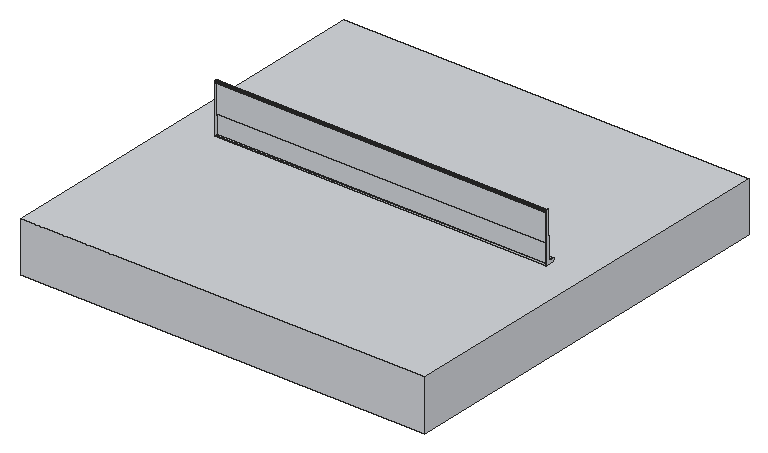
Revit family "L庇", category 一般モデル, Revit 2020
Family settings
  ホスト = 面
  鉄筋をホスト可能 = いいえ
  丸型コネクタ寸法 = 直径を使用
  パーツ タイプ = 標準
  ロード時にボイドで切り取り = いいえ
  共有 = いいえ
  部屋計算ポイント = いいえ
Parameters
  警告：長さL [instance] = no
  警告：出幅D [instance] = no
  説明 = "ライト感覚のL字型。出幅は5種類で直線が美しい魅力のシンプルデザイン。"  # constant formula
  製造元 = "株式会社ツヅキ"  # constant formula
  色 [instance] = アルミニウム 6063S-T5 シルバー(R) (株)ツヅキ
  既定の高さ = 1219.2 mm
  断面図表記 出幅300 = yes
  断面図表記 出幅240 = no
  断面図表記 出幅200 = no
  断面図表記 出幅150 = no
  断面図表記 出幅100 = no
  庇L寸法 [instance] = 2000.0 mm
  庇D寸法 [instance] = if(出幅300, 300.0 mm, if(出幅240, 240.0 mm, if(出幅200, 200.0 mm, if(出幅150, 150.0 mm, 100.0 mm))))  # 300.0 mm
  実庇L寸法 [instance] = if(庇L寸法 > 4000.0 mm, 4000.0 mm, if(庇L寸法 < 600.0 mm, 600.0 mm, 庇L寸法))  # 2000.0 mm
  出幅300 [instance] = yes
  出幅240 [instance] = no
  出幅200 [instance] = no
  出幅150 [instance] = no
  出幅100 [instance] = no
  モデル = "グロンダート　Lシリーズ"  # constant formula
  URL = "https://tuzuki.co.jp/products/#gd"
Reference planes
  plane 1 "中心(正面/背面)": y = 0
  plane 2: z = 0
  plane 3 "中心(左/右)": x = 0
  plane 4: x = -1000
  plane 5: x = 1000
  plane 6: z = 300
Forms (mm)
  Extrusion 1, solid
    sketch origin (0, 0, 0) x (1, 0, 0) y (0, 1, 0)
      loop
        line (-1219.2, 1219.2) -> (-1219.2, -1219.2) -> (1219.2, -1219.2) -> (1219.2, 1219.2) -> (-1219.2, 1219.2)
    from 0 to -304.8
Dimensions and locks
  equal spacing: plane 5, plane 3 "中心(左/右)", plane 4
  "庇L寸法": plane 5 to plane 4
  plane 4 to plane 5 = 2000.0 mm
  "庇D寸法": plane 6 to level
  aligned and locked: plane 2 to Extrusion 1
  aligned and locked: level to Extrusion 1
  aligned and locked: nested 2 to plane 5
Automatic sketch dimensions
  Extrusion 1 sketch curve to Extrusion 1 sketch curve = 2438.4 mm  (x2)
Nested families
  nested 1: "注意表示_F庇 ポール付き" at (-205.26, -831.508, 0), type "F庇ポール付き D600-3000"
  nested 2: "L庇各寸法" at (-1000, 0, 0), 庇L寸法 <- "庇L寸法", 出幅100 <- "出幅100", 出幅200 <- "出幅200", 出幅240 <- "出幅240", 出幅300 <- "出幅300", 出幅150 <- "出幅150", type "L庇各寸法"
    with 庇L寸法 2000.0 mm, 出幅300 yes, 出幅240 no, 出幅200 no, 出幅150 no, 出幅100 no, 断面図表記 出幅240 no, 断面図表記 出幅200 no, 断面図表記 出幅150 no, 断面図表記 出幅100 no
Definition of nested family "L庇各寸法"
  Parameters (values of type "L庇各寸法")
    色 = none
    Default Elevation = 1219.2 mm
    断面図表記 出幅300 = yes
    断面図表記 出幅240 = yes
    断面図表記 出幅200 = yes
    断面図表記 出幅150 = yes
    断面図表記 出幅100 = yes
    庇L寸法 [instance] = 2700.0 mm
    出幅300 [instance] = yes
    出幅240 [instance] = yes
    出幅200 [instance] = yes
    出幅150 [instance] = yes
    出幅100 [instance] = yes
  Reference planes
    plane 1 "中心(正面/背面)": y = 0
    plane 2: z = 0
    plane 3 "中心(左/右)": x = 0
    plane 4: x = 2700
  Forms (mm)
    Extrusion 1, solid
      sketch origin (0, 0, 0) x (1, 0, 0) y (0, 1, 0)
        loop
          line (-1219.2, 1219.2) -> (-1219.2, -1219.2) -> (1219.2, -1219.2) -> (1219.2, 1219.2) -> (-1219.2, 1219.2)
      from 0 to -304.8
  Dimensions and locks
    "庇L寸法": plane 3 "中心(左/右)" to plane 4
    aligned and locked: plane 2 to Extrusion 1
    aligned and locked: level to Extrusion 1
    aligned and locked: plane 4 to nested 5
    aligned and locked: plane 4 to nested 1
    aligned and locked: plane 4 to nested 2
    aligned and locked: plane 4 to nested 3
    aligned and locked: plane 4 to nested 4
  Automatic sketch dimensions
    Extrusion 1 sketch curve to Extrusion 1 sketch curve = 2438.4 mm  (x2)
  Nested families
    nested 1: "出幅100" at (0, 0, 0), 出幅100 <- "出幅100", type "出幅100"
      with 出幅100 yes, L 2700.0 mm
    nested 2: "出幅150" at (0, 0, 0), 出幅150 <- "出幅150", type "出幅150"
      with 出幅150 yes, L 2700.0 mm
    nested 3: "出幅200" at (0, 0, 0), 出幅200 <- "出幅200", type "出幅200"
      with 出幅200 yes, L 2700.0 mm
    nested 4: "出幅240" at (0, 0, 0), 出幅240 <- "出幅240", type "出幅240"
      with 出幅240 yes, L 2700.0 mm
    nested 5: "出幅300" at (0, 0, 0), 出幅300 <- "出幅300", type "出幅300"
      with 出幅300 yes, L 2700.0 mm
  Definition of nested family "出幅100"
    Parameters
      色 = none
      Default Elevation = 1219.2 mm
      断面図表記 出幅100 = yes
      出幅100 [instance] = yes
      L = 1422.0 mm
    Reference planes
      plane 1 "中心(正面/背面)": y = 0
      plane 2: z = 0
      plane 3 "中心(左/右)": x = 0
      plane 4: x = 2
      plane 5: x = 1420
      plane 6: x = 1422
    Forms (mm)
      Extrusion 1, solid
        sketch origin (0, 0, 0) x (1, 0, 0) y (0, 1, 0)
          loop
            line (-1219.2, 1219.2) -> (-1219.2, -1219.2) -> (1219.2, -1219.2) -> (1219.2, 1219.2) -> (-1219.2, 1219.2)
        from 0 to -304.8
      Extrusion 2, solid, material <- "色", visible <- "出幅100"
        sketch origin (0, 0, 0) x (0, 1, 0) y (0, 0, 1)
          loop
            line (-14.703, 20.05) -> (-18, 100) -> (-19.998, 99.918) -> (-19.899, 97.5) -> (-26, 95) -> (-26, 91) -> (-24.5, 90.7) -> (-24.275, 87.931)
            arc (-24.275, 87.931) -> (-23.851, 87.18) -> (-23, 87.039) r 1
            line (-23, 87.039) -> (-23, 91.003)
            arc (-23, 91.003) -> (-22.244, 94.283) -> (-20.634, 91.328) r 1.8
            line (-20.634, 91.328) -> (-19.608, 90.447) -> (-17.355, 35.822) -> (-15.981, 2.5) -> (-20, 2.5) -> (-20, 7.8) -> (-26, 7.8) -> (-26, 0) -> (21, 0) -> (21, 17.16) -> (29.3, 16.05) -> (29.1, 17.35) -> (4.3, 20.05) -> (-14.703, 20.05)
        from 2 to 1420
      Extrusion 3, solid, material <- "色", visible <- "出幅100"
        sketch origin (0, 0, 0) x (0, 1, 0) y (0, 0, 1)
          loop
            line (-27, 0) -> (21.8, 0) -> (29, 7.2) -> (29, 17.529) -> (28.333, 18.275) -> (4, 21.001) -> (-6.723, 21.001)
            arc (-6.723, 21.001) -> (-10.182, 22.398) -> (-11.712, 25.8) r 5
            line (-11.712, 25.8) -> (-14.869, 98.003) -> (-18, 101.001) -> (-20, 101.001) -> (-27, 98.1) -> (-27, 0)
        from 2 to 0
      Extrusion 4, solid, material <- "色", visible <- "出幅100"
        sketch origin (500, 0, 0) x (0, 1, 0) y (0, 0, -1)
          loop
            line (-27, 0) -> (-27, -98.1) -> (-20, -101.001) -> (-18, -101.001) -> (-14.869, -98.003) -> (-11.712, -25.8)
            arc (-11.712, -25.8) -> (-10.182, -22.398) -> (-6.723, -21.001) r 5
            line (-6.723, -21.001) -> (4, -21.001) -> (28.333, -18.275) -> (29, -17.529) -> (29, -7.2) -> (21.8, 0) -> (-27, 0)
        from -920 to -922
    Dimensions and locks
      locked: plane 3 "中心(左/右)" to plane 4 at 2
      locked: plane 5 to plane 6 at 2
      "L": plane 3 "中心(左/右)" to plane 6
      aligned and locked: plane 2 to Extrusion 1
      aligned and locked: level to Extrusion 1
      aligned and locked: level to import instance
      aligned and locked: plane 1 "中心(正面/背面)" to import instance
      aligned and locked: Extrusion 2 to Extrusion 4
      aligned and locked: Extrusion 2 to plane 4
      aligned and locked: Extrusion 3 to Extrusion 2
      aligned and locked: Extrusion 3 to plane 3 "中心(左/右)"
      aligned and locked: plane 6 to Extrusion 4
      aligned and locked: Extrusion 4 to plane 5
    Automatic sketch dimensions
      Extrusion 1 sketch curve to Extrusion 1 sketch curve = 2438.4 mm  (x2)
      Extrusion 2 sketch curve to level = 0.0 mm
      plane 1 "中心(正面/背面)" to Extrusion 2 sketch curve = 26.0 mm  (x2)
      Extrusion 2 sketch curve to Extrusion 2 sketch curve = 1.5 mm  (x2)
      Extrusion 2 sketch curve to Extrusion 2 sketch curve = 0.225 mm
      Extrusion 2 sketch curve to Extrusion 2 sketch curve = 0.998 mm
      Extrusion 2 sketch curve to Extrusion 2 sketch curve = 1.0 mm
      Extrusion 2 sketch curve to Extrusion 2 sketch curve = 1.366 mm
      Extrusion 2 sketch curve to Extrusion 2 sketch curve = 2.002 mm
      Extrusion 2 sketch curve to Extrusion 2 sketch curve = 0.1 mm
      Extrusion 2 sketch curve to Extrusion 2 sketch curve = 1.026 mm
      Extrusion 2 sketch curve to Extrusion 2 sketch curve = 1.998 mm
      level to Extrusion 2 sketch curve = 2.5 mm
      Extrusion 2 sketch curve to Extrusion 2 sketch curve = 5.297 mm
      Extrusion 2 sketch curve to plane 1 "中心(正面/背面)" = 4.3 mm
      Extrusion 2 sketch curve to Extrusion 2 sketch curve = 16.7 mm
      Extrusion 2 sketch curve to Extrusion 2 sketch curve = 8.1 mm
      Extrusion 2 sketch curve to Extrusion 2 sketch curve = 0.2 mm
      Extrusion 2 sketch curve to Extrusion 2 sketch curve = 5.3 mm
      level to Extrusion 2 sketch curve = 16.05 mm
      Extrusion 2 sketch curve to Extrusion 2 sketch curve = 1.11 mm
      Extrusion 2 sketch curve to Extrusion 2 sketch curve = 1.3 mm
      Extrusion 2 sketch curve to Extrusion 2 sketch curve = 2.89 mm
      Extrusion 2 sketch curve to Extrusion 2 sketch curve = 66.989 mm
      Extrusion 2 sketch curve to Extrusion 2 sketch curve = 0.892 mm
      Extrusion 2 sketch curve to Extrusion 2 sketch curve = 2.447 mm
      Extrusion 2 sketch curve to Extrusion 2 sketch curve = 2.769 mm
      Extrusion 2 sketch curve to Extrusion 2 sketch curve = 0.3 mm
      Extrusion 2 sketch curve to Extrusion 2 sketch curve = 0.303 mm
      Extrusion 2 sketch curve to Extrusion 2 sketch curve = 0.881 mm
      Extrusion 2 sketch curve to Extrusion 2 sketch curve = 4.0 mm
      Extrusion 2 sketch curve to Extrusion 2 sketch curve = 5.0 mm
      Extrusion 2 sketch curve to Extrusion 2 sketch curve = 2.418 mm
      Extrusion 2 sketch curve to Extrusion 2 sketch curve = 0.082 mm
      Extrusion 2 sketch curve to Extrusion 2 sketch curve = 2.652 mm
      Extrusion 2 sketch curve to Extrusion 2 sketch curve = 0.0 mm
      Extrusion 2 sketch curve to Extrusion 2 sketch curve = 15.768 mm
      Extrusion 2 sketch curve to Extrusion 2 sketch curve = 0.004 mm
      Extrusion 3 sketch curve to level = 0.0 mm
      plane 1 "中心(正面/背面)" to Extrusion 3 sketch curve = 27.0 mm
      Extrusion 3 sketch curve to Extrusion 3 sketch curve = 7.0 mm
      Extrusion 3 sketch curve to Extrusion 3 sketch curve = 2.001 mm
      Extrusion 3 sketch curve to Extrusion 3 sketch curve = 3.131 mm
      plane 1 "中心(正面/背面)" to Extrusion 3 sketch curve = 11.712 mm
      plane 1 "中心(正面/背面)" to Extrusion 3 sketch curve = 6.723 mm
      Extrusion 3 sketch curve to Extrusion 3 sketch curve = 4.996 mm
      Extrusion 3 sketch curve to plane 1 "中心(正面/背面)" = 4.0 mm
      Extrusion 3 sketch curve to plane 1 "中心(正面/背面)" = 21.8 mm
      Extrusion 3 sketch curve to Extrusion 3 sketch curve = 6.533 mm
      Extrusion 3 sketch curve to Extrusion 3 sketch curve = 0.667 mm
      level to Extrusion 3 sketch curve = 7.2 mm
      Extrusion 3 sketch curve to Extrusion 3 sketch curve = 10.329 mm
      Extrusion 3 sketch curve to Extrusion 3 sketch curve = 0.745 mm
      level to Extrusion 3 sketch curve = 21.001 mm
      Extrusion 3 sketch curve to Extrusion 3 sketch curve = 4.799 mm
      Extrusion 3 sketch curve to Extrusion 3 sketch curve = 72.203 mm
      Extrusion 3 sketch curve to Extrusion 3 sketch curve = 0.096 mm
      Extrusion 3 sketch curve to Extrusion 3 sketch curve = 2.997 mm
      Extrusion 4 sketch curve to level = 0.0 mm
      plane 1 "中心(正面/背面)" to Extrusion 4 sketch curve = 27.0 mm
      Extrusion 4 sketch curve to Extrusion 4 sketch curve = 7.0 mm
      Extrusion 4 sketch curve to Extrusion 4 sketch curve = 2.001 mm
      Extrusion 4 sketch curve to Extrusion 4 sketch curve = 3.131 mm
      plane 1 "中心(正面/背面)" to Extrusion 4 sketch curve = 11.712 mm
      plane 1 "中心(正面/背面)" to Extrusion 4 sketch curve = 6.723 mm
      Extrusion 4 sketch curve to Extrusion 4 sketch curve = 4.996 mm
      Extrusion 4 sketch curve to plane 1 "中心(正面/背面)" = 4.0 mm
      Extrusion 4 sketch curve to plane 1 "中心(正面/背面)" = 21.8 mm
      Extrusion 4 sketch curve to Extrusion 4 sketch curve = 6.533 mm
      Extrusion 4 sketch curve to Extrusion 4 sketch curve = 0.667 mm
      level to Extrusion 4 sketch curve = 7.2 mm
      Extrusion 4 sketch curve to Extrusion 4 sketch curve = 10.329 mm
      Extrusion 4 sketch curve to Extrusion 4 sketch curve = 0.745 mm
      level to Extrusion 4 sketch curve = 21.001 mm
      Extrusion 4 sketch curve to Extrusion 4 sketch curve = 4.799 mm
      Extrusion 4 sketch curve to Extrusion 4 sketch curve = 72.203 mm
      Extrusion 4 sketch curve to Extrusion 4 sketch curve = 0.096 mm
      Extrusion 4 sketch curve to Extrusion 4 sketch curve = 2.997 mm
      Extrusion 2 sketch curve to Extrusion 2 sketch curve = 4.019 mm
      Extrusion 2 sketch curve to Extrusion 2 sketch curve = 6.0 mm
  Definition of nested family "出幅150"
    Parameters (values of type "出幅150")
      色 = none
      Default Elevation = 1219.2 mm
      断面図表記 出幅150 = yes
      出幅150 [instance] = yes
      L = 1422.0 mm
    Reference planes
      plane 1 "中心(正面/背面)": y = 0
      plane 2: z = 0
      plane 3 "中心(左/右)": x = 0
      plane 4: x = 2
      plane 5: x = 1420
      plane 6: x = 1422
    Forms (mm)
      Extrusion 1, solid
        sketch origin (0, 0, 0) x (1, 0, 0) y (0, 1, 0)
          loop
            line (-1219.2, 1219.2) -> (-1219.2, -1219.2) -> (1219.2, -1219.2) -> (1219.2, 1219.2) -> (-1219.2, 1219.2)
        from 0 to -304.8
      Extrusion 2, solid, material <- "色", visible <- "出幅150"
        sketch origin (0, 0, 0) x (0, 1, 0) y (0, 0, 1)
          loop
            line (-16.287, 2.5) -> (-20.3, 2.5) -> (-20.3, 7.8) -> (-26, 7.8) -> (-26, 0) -> (21, 0) -> (21, 17.16) -> (29.3, 16.05) -> (29.1, 17.35) -> (4.3, 20.05) -> (-14.464, 20.05) -> (-18, 150) -> (-19.999, 149.946) -> (-19.933, 147.5) -> (-26, 145) -> (-26, 141) -> (-25, 140.7) -> (-24.774, 137.919)
            arc (-24.774, 137.919) -> (-24.346, 137.177) -> (-23.5, 137.039) r 1
            line (-23.5, 137.039) -> (-23.5, 141.505)
            arc (-23.5, 141.505) -> (-21.743, 144.282) -> (-20.843, 141.121) r 1.8
            line (-20.843, 141.121) -> (-20.033, 140.156) -> (-17.824, 58.96) -> (-16.287, 2.5)
        from 2 to 1420
      Extrusion 3, solid, material <- "色", visible <- "出幅150"
        sketch origin (0, 0, 0) x (0, 1, 0) y (0, 0, 1)
          loop
            line (-27, 148.084) -> (-27, 0) -> (21.8, 0) -> (29, 7.2) -> (29, 17.529) -> (28.333, 18.275) -> (4, 21) -> (-6.633, 21)
            arc (-6.633, 21) -> (-10.128, 22.425) -> (-11.631, 25.888) r 5
            line (-11.631, 25.888) -> (-14.919, 148.001) -> (-18, 151) -> (-20, 151) -> (-27, 148.084)
        from 0 to 2
      Extrusion 4, solid, material <- "色", visible <- "出幅150"
        sketch origin (500, 0, 0) x (0, 1, 0) y (0, 0, -1)
          loop
            line (-27, -148.084) -> (-20, -151) -> (-18, -151) -> (-14.919, -148.001) -> (-11.631, -25.888)
            arc (-11.631, -25.888) -> (-10.128, -22.425) -> (-6.633, -21) r 5
            line (-6.633, -21) -> (4, -21) -> (28.333, -18.275) -> (29, -17.529) -> (29, -7.2) -> (21.8, 0) -> (-27, 0) -> (-27, -148.084)
        from -922 to -920
    Dimensions and locks
      locked: plane 3 "中心(左/右)" to plane 4 at 2
      locked: plane 5 to plane 6 at 2
      "L": plane 3 "中心(左/右)" to plane 6
      aligned and locked: plane 2 to Extrusion 1
      aligned and locked: level to Extrusion 1
      aligned and locked: plane 4 to Extrusion 3
      aligned and locked: Extrusion 3 to plane 3 "中心(左/右)"
      aligned and locked: plane 6 to Extrusion 4
      aligned and locked: Extrusion 4 to plane 5
      aligned and locked: Extrusion 2 to plane 4
      aligned and locked: plane 5 to Extrusion 2
    Automatic sketch dimensions
      Extrusion 1 sketch curve to Extrusion 1 sketch curve = 2438.4 mm  (x2)
      Extrusion 2 sketch curve to level = 0.0 mm
      plane 1 "中心(正面/背面)" to Extrusion 2 sketch curve = 26.0 mm  (x2)
      Extrusion 2 sketch curve to Extrusion 2 sketch curve = 1.0 mm
      Extrusion 2 sketch curve to Extrusion 2 sketch curve = 1.222 mm
      Extrusion 2 sketch curve to Extrusion 2 sketch curve = 0.278 mm
      Extrusion 2 sketch curve to Extrusion 2 sketch curve = 1.5 mm
      Extrusion 2 sketch curve to Extrusion 2 sketch curve = 1.157 mm
      level to Extrusion 2 sketch curve = 2.5 mm
      Extrusion 2 sketch curve to Extrusion 2 sketch curve = 5.7 mm
      Extrusion 2 sketch curve to Extrusion 2 sketch curve = 0.81 mm
      Extrusion 2 sketch curve to Extrusion 2 sketch curve = 2.001 mm
      Extrusion 2 sketch curve to Extrusion 2 sketch curve = 0.066 mm
      Extrusion 2 sketch curve to Extrusion 2 sketch curve = 1.999 mm
      Extrusion 2 sketch curve to Extrusion 2 sketch curve = 4.013 mm
      Extrusion 2 sketch curve to Extrusion 2 sketch curve = 5.836 mm
      Extrusion 2 sketch curve to plane 1 "中心(正面/背面)" = 4.3 mm
      Extrusion 2 sketch curve to plane 1 "中心(正面/背面)" = 21.0 mm
      Extrusion 2 sketch curve to Extrusion 2 sketch curve = 8.1 mm
      Extrusion 2 sketch curve to Extrusion 2 sketch curve = 0.2 mm
      Extrusion 2 sketch curve to Extrusion 2 sketch curve = 5.3 mm
      level to Extrusion 2 sketch curve = 16.05 mm
      Extrusion 2 sketch curve to Extrusion 2 sketch curve = 1.11 mm
      Extrusion 2 sketch curve to Extrusion 2 sketch curve = 1.3 mm
      Extrusion 2 sketch curve to Extrusion 2 sketch curve = 2.89 mm
      Extrusion 2 sketch curve to Extrusion 2 sketch curve = 116.99 mm
      Extrusion 2 sketch curve to Extrusion 2 sketch curve = 0.961 mm
      Extrusion 2 sketch curve to Extrusion 2 sketch curve = 2.156 mm
      Extrusion 2 sketch curve to Extrusion 2 sketch curve = 2.7 mm
      Extrusion 2 sketch curve to Extrusion 2 sketch curve = 0.3 mm
      Extrusion 2 sketch curve to Extrusion 2 sketch curve = 0.965 mm
      Extrusion 2 sketch curve to Extrusion 2 sketch curve = 0.805 mm
      Extrusion 2 sketch curve to Extrusion 2 sketch curve = 4.0 mm
      Extrusion 2 sketch curve to Extrusion 2 sketch curve = 5.0 mm
      Extrusion 2 sketch curve to Extrusion 2 sketch curve = 2.446 mm
      Extrusion 2 sketch curve to Extrusion 2 sketch curve = 0.054 mm
      Extrusion 2 sketch curve to Extrusion 2 sketch curve = 0.997 mm
      Extrusion 2 sketch curve to Extrusion 2 sketch curve = 0.0 mm  (x3)
      plane 1 "中心(正面/背面)" to Extrusion 2 sketch curve = 17.824 mm
      Extrusion 2 sketch curve to Extrusion 2 sketch curve = 38.911 mm
      Extrusion 2 sketch curve to Extrusion 2 sketch curve = 0.029 mm
      Extrusion 3 sketch curve to level = 0.0 mm
      plane 1 "中心(正面/背面)" to Extrusion 3 sketch curve = 27.0 mm
      Extrusion 3 sketch curve to Extrusion 3 sketch curve = 7.0 mm
      Extrusion 3 sketch curve to Extrusion 3 sketch curve = 2.0 mm
      Extrusion 3 sketch curve to Extrusion 3 sketch curve = 3.081 mm
      plane 1 "中心(正面/背面)" to Extrusion 3 sketch curve = 11.631 mm
      Extrusion 3 sketch curve to Extrusion 3 sketch curve = 4.999 mm
      Extrusion 3 sketch curve to plane 1 "中心(正面/背面)" = 4.0 mm
      Extrusion 3 sketch curve to plane 1 "中心(正面/背面)" = 21.8 mm
      Extrusion 3 sketch curve to Extrusion 3 sketch curve = 6.533 mm
      level to Extrusion 3 sketch curve = 7.2 mm
      Extrusion 3 sketch curve to Extrusion 3 sketch curve = 7.2 mm
      Extrusion 3 sketch curve to Extrusion 3 sketch curve = 10.329 mm
      Extrusion 3 sketch curve to Extrusion 3 sketch curve = 0.745 mm
      level to Extrusion 3 sketch curve = 21.0 mm
      Extrusion 3 sketch curve to Extrusion 3 sketch curve = 4.888 mm
      Extrusion 3 sketch curve to Extrusion 3 sketch curve = 0.112 mm
      Extrusion 3 sketch curve to Extrusion 3 sketch curve = 122.113 mm
      Extrusion 3 sketch curve to Extrusion 3 sketch curve = 0.082 mm
      Extrusion 3 sketch curve to Extrusion 3 sketch curve = 2.999 mm
      Extrusion 3 sketch curve to Extrusion 3 sketch curve = 0.0 mm
      Extrusion 4 sketch curve to level = 0.0 mm
      plane 1 "中心(正面/背面)" to Extrusion 4 sketch curve = 27.0 mm
      Extrusion 4 sketch curve to Extrusion 4 sketch curve = 7.0 mm
      Extrusion 4 sketch curve to Extrusion 4 sketch curve = 2.0 mm
      Extrusion 4 sketch curve to Extrusion 4 sketch curve = 3.081 mm
      plane 1 "中心(正面/背面)" to Extrusion 4 sketch curve = 11.631 mm
      Extrusion 4 sketch curve to Extrusion 4 sketch curve = 4.999 mm
      Extrusion 4 sketch curve to plane 1 "中心(正面/背面)" = 4.0 mm
      Extrusion 4 sketch curve to plane 1 "中心(正面/背面)" = 21.8 mm
      Extrusion 4 sketch curve to Extrusion 4 sketch curve = 6.533 mm
      level to Extrusion 4 sketch curve = 7.2 mm
      Extrusion 4 sketch curve to Extrusion 4 sketch curve = 7.2 mm
      Extrusion 4 sketch curve to Extrusion 4 sketch curve = 10.329 mm
      Extrusion 4 sketch curve to Extrusion 4 sketch curve = 0.745 mm
      level to Extrusion 4 sketch curve = 21.0 mm
      Extrusion 4 sketch curve to Extrusion 4 sketch curve = 4.888 mm
      Extrusion 4 sketch curve to Extrusion 4 sketch curve = 0.112 mm
      Extrusion 4 sketch curve to Extrusion 4 sketch curve = 122.113 mm
      Extrusion 4 sketch curve to Extrusion 4 sketch curve = 0.082 mm
      Extrusion 4 sketch curve to Extrusion 4 sketch curve = 2.999 mm
      Extrusion 4 sketch curve to Extrusion 4 sketch curve = 0.0 mm
  Definition of nested family "出幅200"
    Parameters (values of type "出幅200")
      色 = none
      Default Elevation = 1219.2 mm
      断面図表記 出幅200 = yes
      出幅200 [instance] = yes
      L = 1422.0 mm
    Reference planes
      plane 1 "中心(正面/背面)": y = 0
      plane 2: z = 0
      plane 3 "中心(左/右)": x = 0
      plane 4: x = 2
      plane 5: x = 1420
      plane 6: x = 1422
    Forms (mm)
      Extrusion 1, solid
        sketch origin (0, 0, 0) x (1, 0, 0) y (0, 1, 0)
          loop
            line (-1219.2, 1219.2) -> (-1219.2, -1219.2) -> (1219.2, -1219.2) -> (1219.2, 1219.2) -> (-1219.2, 1219.2)
        from 0 to -304.8
      Extrusion 2, solid, material <- "色", visible <- "出幅200"
        sketch origin (0, 0, 0) x (0, 1, 0) y (0, 0, 1)
          loop
            line (-20.334, 191.817) -> (-17.743, 64.241) -> (-16.49, 2.5) -> (-20.5, 2.5) -> (-20.5, 7.8) -> (-26, 7.8) -> (-26, 0) -> (21.8, 0) -> (29, 7.2) -> (29, 17.361) -> (4.3, 20.05) -> (-14.346, 20.05) -> (-18, 200) -> (-20, 199.959) -> (-19.95, 197.493) -> (-26, 195) -> (-26, 191) -> (-25.2, 190.7) -> (-24.974, 187.916)
            arc (-24.974, 187.916) -> (-24.545, 187.176) -> (-23.7, 187.039) r 1
            line (-23.7, 187.039) -> (-23.7, 191.908)
            arc (-23.7, 191.908) -> (-21.951, 194.299) -> (-20.334, 191.817) r 1.8
        from 2 to 1420
      Extrusion 3, solid, material <- "色", visible <- "出幅200"
        sketch origin (0, 0, 0) x (0, 1, 0) y (0, 0, 1)
          loop
            line (-18, 201) -> (-20, 201) -> (-27, 198.075) -> (-27, 0) -> (21.8, 0) -> (29, 7.2) -> (29, 17.529) -> (28.333, 18.275) -> (4, 21) -> (-6.589, 21)
            arc (-6.589, 21) -> (-10.097, 22.43) -> (-11.595, 25.91) r 5
            line (-11.595, 25.91) -> (-14.941, 198) -> (-18, 201)
        from 0 to 2
      Extrusion 4, solid, material <- "色", visible <- "出幅200"
        sketch origin (500, 0, 0) x (0, 1, 0) y (0, 0, -1)
          loop
            line (-18, -201) -> (-14.941, -198) -> (-11.595, -25.91)
            arc (-11.595, -25.91) -> (-10.097, -22.43) -> (-6.589, -21) r 5
            line (-6.589, -21) -> (4, -21) -> (28.333, -18.275) -> (29, -17.529) -> (29, -7.2) -> (21.8, 0) -> (-27, 0) -> (-27, -198.075) -> (-20, -201) -> (-18, -201)
        from -922 to -920
    Dimensions and locks
      locked: plane 3 "中心(左/右)" to plane 4 at 2
      locked: plane 5 to plane 6 at 2
      "L": plane 3 "中心(左/右)" to plane 6
      aligned and locked: plane 2 to Extrusion 1
      aligned and locked: level to Extrusion 1
      aligned and locked: Extrusion 3 to plane 3 "中心(左/右)"
      aligned and locked: plane 4 to Extrusion 3
      aligned and locked: plane 6 to Extrusion 4
      aligned and locked: Extrusion 4 to plane 5
      aligned and locked: Extrusion 2 to plane 4
      aligned and locked: plane 5 to Extrusion 2
    Automatic sketch dimensions
      Extrusion 1 sketch curve to Extrusion 1 sketch curve = 2438.4 mm  (x2)
      Extrusion 2 sketch curve to level = 0.0 mm
      plane 1 "中心(正面/背面)" to Extrusion 2 sketch curve = 26.0 mm  (x2)
      Extrusion 2 sketch curve to Extrusion 2 sketch curve = 0.8 mm
      Extrusion 2 sketch curve to Extrusion 2 sketch curve = 0.226 mm
      Extrusion 2 sketch curve to Extrusion 2 sketch curve = 0.996 mm
      Extrusion 2 sketch curve to Extrusion 2 sketch curve = 1.5 mm
      Extrusion 2 sketch curve to Extrusion 2 sketch curve = 1.7 mm
      level to Extrusion 2 sketch curve = 2.5 mm
      Extrusion 2 sketch curve to Extrusion 2 sketch curve = 5.5 mm
      Extrusion 2 sketch curve to Extrusion 2 sketch curve = 1.666 mm
      Extrusion 2 sketch curve to Extrusion 2 sketch curve = 2.0 mm  (x2)
      Extrusion 2 sketch curve to Extrusion 2 sketch curve = 0.05 mm
      Extrusion 2 sketch curve to Extrusion 2 sketch curve = 4.01 mm
      Extrusion 2 sketch curve to Extrusion 2 sketch curve = 6.154 mm
      Extrusion 2 sketch curve to plane 1 "中心(正面/背面)" = 4.3 mm
      Extrusion 2 sketch curve to plane 1 "中心(正面/背面)" = 21.8 mm
      Extrusion 2 sketch curve to Extrusion 2 sketch curve = 7.2 mm
      level to Extrusion 2 sketch curve = 7.2 mm
      Extrusion 2 sketch curve to Extrusion 2 sketch curve = 5.3 mm
      Extrusion 2 sketch curve to Extrusion 2 sketch curve = 10.161 mm
      level to Extrusion 2 sketch curve = 20.05 mm
      Extrusion 2 sketch curve to Extrusion 2 sketch curve = 166.989 mm
      Extrusion 2 sketch curve to Extrusion 2 sketch curve = 0.877 mm
      Extrusion 2 sketch curve to Extrusion 2 sketch curve = 2.784 mm
      Extrusion 2 sketch curve to Extrusion 2 sketch curve = 0.3 mm
      Extrusion 2 sketch curve to Extrusion 2 sketch curve = 1.117 mm
      Extrusion 2 sketch curve to Extrusion 2 sketch curve = 1.208 mm
      Extrusion 2 sketch curve to Extrusion 2 sketch curve = 3.092 mm
      Extrusion 2 sketch curve to Extrusion 2 sketch curve = 4.993 mm
      Extrusion 2 sketch curve to Extrusion 2 sketch curve = 2.466 mm
      Extrusion 2 sketch curve to Extrusion 2 sketch curve = 0.041 mm
      plane 1 "中心(正面/背面)" to Extrusion 2 sketch curve = 17.743 mm
      Extrusion 2 sketch curve to Extrusion 2 sketch curve = 0.0 mm
      Extrusion 2 sketch curve to Extrusion 2 sketch curve = 44.156 mm
      Extrusion 2 sketch curve to Extrusion 2 sketch curve = 0.035 mm
      Extrusion 3 sketch curve to level = 0.0 mm
      plane 1 "中心(正面/背面)" to Extrusion 3 sketch curve = 27.0 mm
      Extrusion 3 sketch curve to Extrusion 3 sketch curve = 7.0 mm
      Extrusion 3 sketch curve to Extrusion 3 sketch curve = 2.0 mm
      Extrusion 3 sketch curve to Extrusion 3 sketch curve = 3.058 mm
      plane 1 "中心(正面/背面)" to Extrusion 3 sketch curve = 11.595 mm
      Extrusion 3 sketch curve to Extrusion 3 sketch curve = 4.999 mm
      Extrusion 3 sketch curve to Extrusion 3 sketch curve = 0.007 mm
      Extrusion 3 sketch curve to plane 1 "中心(正面/背面)" = 4.0 mm
      Extrusion 3 sketch curve to plane 1 "中心(正面/背面)" = 21.8 mm
      Extrusion 3 sketch curve to Extrusion 3 sketch curve = 6.533 mm
      level to Extrusion 3 sketch curve = 7.2 mm
      Extrusion 3 sketch curve to Extrusion 3 sketch curve = 7.2 mm
      Extrusion 3 sketch curve to Extrusion 3 sketch curve = 10.329 mm
      Extrusion 3 sketch curve to Extrusion 3 sketch curve = 0.745 mm
      level to Extrusion 3 sketch curve = 21.0 mm
      Extrusion 3 sketch curve to Extrusion 3 sketch curve = 4.91 mm
      Extrusion 3 sketch curve to Extrusion 3 sketch curve = 172.09 mm
      Extrusion 3 sketch curve to Extrusion 3 sketch curve = 0.075 mm
      Extrusion 3 sketch curve to Extrusion 3 sketch curve = 2.999 mm
      Extrusion 4 sketch curve to level = 0.0 mm
      plane 1 "中心(正面/背面)" to Extrusion 4 sketch curve = 27.0 mm
      Extrusion 4 sketch curve to Extrusion 4 sketch curve = 7.0 mm
      Extrusion 4 sketch curve to Extrusion 4 sketch curve = 2.0 mm
      Extrusion 4 sketch curve to Extrusion 4 sketch curve = 3.058 mm
      plane 1 "中心(正面/背面)" to Extrusion 4 sketch curve = 11.595 mm
      Extrusion 4 sketch curve to Extrusion 4 sketch curve = 4.999 mm
      Extrusion 4 sketch curve to Extrusion 4 sketch curve = 0.007 mm
      Extrusion 4 sketch curve to plane 1 "中心(正面/背面)" = 4.0 mm
      Extrusion 4 sketch curve to plane 1 "中心(正面/背面)" = 21.8 mm
      Extrusion 4 sketch curve to Extrusion 4 sketch curve = 6.533 mm
      level to Extrusion 4 sketch curve = 7.2 mm
      Extrusion 4 sketch curve to Extrusion 4 sketch curve = 7.2 mm
      Extrusion 4 sketch curve to Extrusion 4 sketch curve = 10.329 mm
      Extrusion 4 sketch curve to Extrusion 4 sketch curve = 0.745 mm
      level to Extrusion 4 sketch curve = 21.0 mm
      Extrusion 4 sketch curve to Extrusion 4 sketch curve = 4.91 mm
      Extrusion 4 sketch curve to Extrusion 4 sketch curve = 172.09 mm
      Extrusion 4 sketch curve to Extrusion 4 sketch curve = 0.075 mm
      Extrusion 4 sketch curve to Extrusion 4 sketch curve = 2.999 mm
  Definition of nested family "出幅240"
    Parameters (values of type "出幅240")
      色 = none
      Default Elevation = 1219.2 mm
      断面図表記 出幅240 = yes
      出幅240 [instance] = yes
      L = 1422.0 mm
    Reference planes
      plane 1 "中心(正面/背面)": y = 0
      plane 2: z = 0
      plane 3 "中心(左/右)": x = 0
      plane 4: x = 2
      plane 5: x = 1420
      plane 6: x = 1422
    Forms (mm)
      Extrusion 1, solid
        sketch origin (0, 0, 0) x (1, 0, 0) y (0, 1, 0)
          loop
            line (-1219.2, 1219.2) -> (-1219.2, -1219.2) -> (1219.2, -1219.2) -> (1219.2, 1219.2) -> (-1219.2, 1219.2)
        from 0 to -304.8
      Extrusion 2, solid, material <- "色", visible <- "出幅240"
        sketch origin (0, 0, 0) x (0, 1, 0) y (0, 0, 1)
          loop
            line (21.3, 0) -> (21.3, 17.12) -> (29.3, 16.05) -> (29.1, 17.35) -> (4.3, 20.05) -> (-14.281, 20.05) -> (-18, 240) -> (-20, 239.966) -> (-19.958, 237.49) -> (-26, 235) -> (-26, 231) -> (-25.2, 230.7) -> (-24.974, 227.919)
            arc (-24.974, 227.919) -> (-24.546, 227.177) -> (-23.7, 227.039) r 1
            line (-23.7, 227.039) -> (-23.7, 231.908)
            arc (-23.7, 231.908) -> (-21.918, 234.298) -> (-20.361, 231.756) r 1.8
            line (-20.361, 231.756) -> (-17.958, 89.728) -> (-16.482, 2.5) -> (-20.5, 2.5) -> (-20.5, 7.8) -> (-26, 7.8) -> (-26, 0) -> (21.3, 0)
        from 2 to 1420
      Extrusion 3, solid, material <- "色", visible <- "出幅240"
        sketch origin (0, 0, 0) x (0, 1, 0) y (0, 0, 1)
          loop
            line (-27, 0) -> (21.8, 0) -> (29, 7.2) -> (29, 17.529) -> (28.333, 18.275) -> (4, 21) -> (-6.589, 21)
            arc (-6.589, 21) -> (-10.094, 22.427) -> (-11.595, 25.901) r 5
            line (-11.595, 25.901) -> (-14.941, 238) -> (-18, 241) -> (-20, 241) -> (-27, 238.075) -> (-27, 0)
        from 0 to 2
      Extrusion 4, solid, material <- "色", visible <- "出幅240"
        sketch origin (500, 0, 0) x (0, 1, 0) y (0, 0, -1)
          loop
            line (-27, 0) -> (-27, -238.075) -> (-20, -241) -> (-18, -241) -> (-14.941, -238) -> (-11.595, -25.901)
            arc (-11.595, -25.901) -> (-10.094, -22.427) -> (-6.589, -21) r 5
            line (-6.589, -21) -> (4, -21) -> (28.333, -18.275) -> (29, -17.529) -> (29, -7.2) -> (21.8, 0) -> (-27, 0)
        from -922 to -920
    Dimensions and locks
      locked: plane 3 "中心(左/右)" to plane 4 at 2
      locked: plane 5 to plane 6 at 2
      "L": plane 3 "中心(左/右)" to plane 6
      aligned and locked: plane 2 to Extrusion 1
      aligned and locked: level to Extrusion 1
      aligned and locked: Extrusion 3 to plane 3 "中心(左/右)"
      aligned and locked: plane 4 to Extrusion 3
      aligned and locked: plane 6 to Extrusion 4
      aligned and locked: Extrusion 4 to plane 5
      aligned and locked: Extrusion 2 to plane 4
      aligned and locked: plane 5 to Extrusion 2
    Automatic sketch dimensions
      Extrusion 1 sketch curve to Extrusion 1 sketch curve = 2438.4 mm  (x2)
      Extrusion 2 sketch curve to level = 0.0 mm
      level to Extrusion 2 sketch curve = 7.8 mm
      plane 1 "中心(正面/背面)" to Extrusion 2 sketch curve = 26.0 mm  (x2)
      Extrusion 2 sketch curve to Extrusion 2 sketch curve = 0.8 mm
      Extrusion 2 sketch curve to Extrusion 2 sketch curve = 1.222 mm
      Extrusion 2 sketch curve to Extrusion 2 sketch curve = 0.278 mm
      Extrusion 2 sketch curve to Extrusion 2 sketch curve = 1.7 mm
      level to Extrusion 2 sketch curve = 2.5 mm
      Extrusion 2 sketch curve to Extrusion 2 sketch curve = 5.5 mm
      Extrusion 2 sketch curve to Extrusion 2 sketch curve = 1.639 mm
      Extrusion 2 sketch curve to Extrusion 2 sketch curve = 2.0 mm  (x2)
      Extrusion 2 sketch curve to Extrusion 2 sketch curve = 0.042 mm
      Extrusion 2 sketch curve to Extrusion 2 sketch curve = 4.018 mm
      Extrusion 2 sketch curve to Extrusion 2 sketch curve = 6.219 mm
      Extrusion 2 sketch curve to plane 1 "中心(正面/背面)" = 4.3 mm
      Extrusion 2 sketch curve to Extrusion 2 sketch curve = 17.0 mm
      Extrusion 2 sketch curve to Extrusion 2 sketch curve = 7.8 mm
      Extrusion 2 sketch curve to Extrusion 2 sketch curve = 0.2 mm
      level to Extrusion 2 sketch curve = 16.05 mm
      Extrusion 2 sketch curve to Extrusion 2 sketch curve = 1.07 mm
      Extrusion 2 sketch curve to Extrusion 2 sketch curve = 1.3 mm
      Extrusion 2 sketch curve to Extrusion 2 sketch curve = 12.25 mm
      Extrusion 2 sketch curve to Extrusion 2 sketch curve = 206.989 mm
      Extrusion 2 sketch curve to Extrusion 2 sketch curve = 0.961 mm
      Extrusion 2 sketch curve to Extrusion 2 sketch curve = 2.7 mm
      Extrusion 2 sketch curve to Extrusion 2 sketch curve = 0.3 mm
      Extrusion 2 sketch curve to Extrusion 2 sketch curve = 1.056 mm
      Extrusion 2 sketch curve to Extrusion 2 sketch curve = 1.208 mm
      Extrusion 2 sketch curve to Extrusion 2 sketch curve = 3.092 mm
      Extrusion 2 sketch curve to Extrusion 2 sketch curve = 4.99 mm
      Extrusion 2 sketch curve to Extrusion 2 sketch curve = 2.477 mm
      Extrusion 2 sketch curve to Extrusion 2 sketch curve = 0.034 mm
      Extrusion 2 sketch curve to Extrusion 2 sketch curve = 0.997 mm
      Extrusion 2 sketch curve to Extrusion 2 sketch curve = 0.0 mm  (x3)
      plane 1 "中心(正面/背面)" to Extrusion 2 sketch curve = 17.958 mm
      Extrusion 2 sketch curve to Extrusion 2 sketch curve = 69.675 mm
      Extrusion 2 sketch curve to Extrusion 2 sketch curve = 0.003 mm
      Extrusion 3 sketch curve to level = 0.0 mm
      plane 1 "中心(正面/背面)" to Extrusion 3 sketch curve = 27.0 mm
      Extrusion 3 sketch curve to Extrusion 3 sketch curve = 7.0 mm
      Extrusion 3 sketch curve to Extrusion 3 sketch curve = 2.0 mm
      Extrusion 3 sketch curve to Extrusion 3 sketch curve = 3.058 mm
      plane 1 "中心(正面/背面)" to Extrusion 3 sketch curve = 11.595 mm
      Extrusion 3 sketch curve to Extrusion 3 sketch curve = 4.999 mm
      Extrusion 3 sketch curve to Extrusion 3 sketch curve = 0.007 mm
      Extrusion 3 sketch curve to plane 1 "中心(正面/背面)" = 4.0 mm
      Extrusion 3 sketch curve to plane 1 "中心(正面/背面)" = 21.8 mm
      Extrusion 3 sketch curve to Extrusion 3 sketch curve = 6.533 mm
      level to Extrusion 3 sketch curve = 7.2 mm
      Extrusion 3 sketch curve to Extrusion 3 sketch curve = 7.2 mm
      Extrusion 3 sketch curve to Extrusion 3 sketch curve = 10.329 mm
      Extrusion 3 sketch curve to Extrusion 3 sketch curve = 0.745 mm
      level to Extrusion 3 sketch curve = 21.0 mm
      Extrusion 3 sketch curve to Extrusion 3 sketch curve = 4.901 mm
      Extrusion 3 sketch curve to Extrusion 3 sketch curve = 212.099 mm
      Extrusion 3 sketch curve to Extrusion 3 sketch curve = 0.075 mm
      Extrusion 3 sketch curve to Extrusion 3 sketch curve = 2.999 mm
      Extrusion 4 sketch curve to level = 0.0 mm
      plane 1 "中心(正面/背面)" to Extrusion 4 sketch curve = 27.0 mm
      Extrusion 4 sketch curve to Extrusion 4 sketch curve = 7.0 mm
      Extrusion 4 sketch curve to Extrusion 4 sketch curve = 2.0 mm
      Extrusion 4 sketch curve to Extrusion 4 sketch curve = 3.058 mm
      plane 1 "中心(正面/背面)" to Extrusion 4 sketch curve = 11.595 mm
      Extrusion 4 sketch curve to Extrusion 4 sketch curve = 4.999 mm
      Extrusion 4 sketch curve to Extrusion 4 sketch curve = 0.007 mm
      Extrusion 4 sketch curve to plane 1 "中心(正面/背面)" = 4.0 mm
      Extrusion 4 sketch curve to plane 1 "中心(正面/背面)" = 21.8 mm
      Extrusion 4 sketch curve to Extrusion 4 sketch curve = 6.533 mm
      level to Extrusion 4 sketch curve = 7.2 mm
      Extrusion 4 sketch curve to Extrusion 4 sketch curve = 7.2 mm
      Extrusion 4 sketch curve to Extrusion 4 sketch curve = 10.329 mm
      Extrusion 4 sketch curve to Extrusion 4 sketch curve = 0.745 mm
      level to Extrusion 4 sketch curve = 21.0 mm
      Extrusion 4 sketch curve to Extrusion 4 sketch curve = 4.901 mm
      Extrusion 4 sketch curve to Extrusion 4 sketch curve = 212.099 mm
      Extrusion 4 sketch curve to Extrusion 4 sketch curve = 0.075 mm
      Extrusion 4 sketch curve to Extrusion 4 sketch curve = 2.999 mm
  Definition of nested family "出幅300"
    Parameters (values of type "出幅300")
      色 = none
      Default Elevation = 1219.2 mm
      断面図表記 出幅300 = yes
      出幅300 [instance] = yes
      L = 1422.0 mm
    Reference planes
      plane 1 "中心(正面/背面)": y = 0
      plane 2: z = 0
      plane 3 "中心(左/右)": x = 0
      plane 4: x = 2
      plane 5: x = 1420
      plane 6: x = 1422
    Forms (mm)
      Extrusion 1, solid
        sketch origin (0, 0, 0) x (1, 0, 0) y (0, 1, 0)
          loop
            line (-1219.2, 1219.2) -> (-1219.2, -1219.2) -> (1219.2, -1219.2) -> (1219.2, 1219.2) -> (-1219.2, 1219.2)
        from 0 to -304.8
      Extrusion 2, solid, material <- "色", visible <- "出幅300"
        sketch origin (0, 0, 0) x (0, 1, 0) y (0, 0, 1)
          loop
            line (21.3, 0) -> (21.3, 17.12) -> (29.3, 16.05) -> (29.1, 17.35) -> (4.3, 20.05) -> (-14.25, 20.05) -> (-18.5, 300) -> (-20.5, 299.97) -> (-20.462, 297.488) -> (-26.5, 295) -> (-26.5, 291) -> (-25.7, 290.7) -> (-25.474, 287.916)
            arc (-25.474, 287.916) -> (-25.045, 287.176) -> (-24.2, 287.039) r 1
            line (-24.2, 287.039) -> (-24.2, 293.092)
            arc (-24.2, 293.092) -> (-21.82, 294.167) -> (-20.871, 291.733) r 1.8
            line (-20.871, 291.733) -> (-18.659, 113.241) -> (-17.286, 2.5) -> (-21, 2.5) -> (-21, 7.8) -> (-26.5, 7.8) -> (-26.5, 0) -> (21.3, 0)
        from 2 to 1420
      Extrusion 3, solid, material <- "色", visible <- "出幅300"
        sketch origin (0, 0, 0) x (0, 1, 0) y (0, 0, 1)
          loop
            line (-18.5, 300.999) -> (-20.5, 300.999) -> (-27.5, 298.082) -> (-27.5, 0) -> (21.8, 0) -> (29, 7.2) -> (29, 18.2) -> (4, 20.999) -> (-6.569, 20.999)
            arc (-6.569, 20.999) -> (-10.077, 22.436) -> (-11.57, 25.921) r 5.001
            line (-11.57, 25.921) -> (-15.655, 297.999) -> (-18.5, 300.999)
        from 0 to 2
      Extrusion 4, solid, material <- "色", visible <- "出幅300"
        sketch origin (363.559, 0, 0) x (0, 1, 0) y (0, 0, -1)
          loop
            line (-18.5, -300.999) -> (-15.655, -297.999) -> (-11.57, -25.921)
            arc (-11.57, -25.921) -> (-10.077, -22.436) -> (-6.569, -20.999) r 5.001
            line (-6.569, -20.999) -> (4, -20.999) -> (29, -18.2) -> (29, -7.2) -> (21.8, 0) -> (-27.5, 0) -> (-27.5, -298.082) -> (-20.5, -300.999) -> (-18.5, -300.999)
        from -1058.441 to -1056.441
    Dimensions and locks
      locked: plane 3 "中心(左/右)" to plane 4 at 2
      locked: plane 5 to plane 6 at 2
      "L": plane 3 "中心(左/右)" to plane 6
      aligned and locked: plane 2 to Extrusion 1
      aligned and locked: level to Extrusion 1
      aligned and locked: Extrusion 4 to plane 5
      aligned and locked: plane 4 to Extrusion 3
      aligned and locked: Extrusion 3 to plane 3 "中心(左/右)"
      aligned and locked: Extrusion 2 to plane 4
      aligned and locked: plane 6 to Extrusion 4
      aligned and locked: plane 5 to Extrusion 2
      aligned and locked: Extrusion 2 to Extrusion 3
    Automatic sketch dimensions
      Extrusion 1 sketch curve to Extrusion 1 sketch curve = 2438.4 mm  (x2)
      Extrusion 2 sketch curve to level = 0.0 mm
      plane 1 "中心(正面/背面)" to Extrusion 2 sketch curve = 26.5 mm  (x2)
      Extrusion 2 sketch curve to Extrusion 2 sketch curve = 0.8 mm
      Extrusion 2 sketch curve to Extrusion 2 sketch curve = 0.226 mm
      Extrusion 2 sketch curve to Extrusion 2 sketch curve = 0.996 mm
      Extrusion 2 sketch curve to Extrusion 2 sketch curve = 0.278 mm
      Extrusion 2 sketch curve to Extrusion 2 sketch curve = 1.7 mm
      Extrusion 2 sketch curve to Extrusion 2 sketch curve = 1.629 mm
      Extrusion 2 sketch curve to Extrusion 2 sketch curve = 2.0 mm  (x2)
      Extrusion 2 sketch curve to Extrusion 2 sketch curve = 0.038 mm
      level to Extrusion 2 sketch curve = 2.5 mm
      Extrusion 2 sketch curve to Extrusion 2 sketch curve = 6.75 mm
      Extrusion 2 sketch curve to plane 1 "中心(正面/背面)" = 4.3 mm
      Extrusion 2 sketch curve to plane 1 "中心(正面/背面)" = 21.3 mm
      Extrusion 2 sketch curve to Extrusion 2 sketch curve = 7.8 mm
      Extrusion 2 sketch curve to Extrusion 2 sketch curve = 0.2 mm
      level to Extrusion 2 sketch curve = 16.05 mm
      Extrusion 2 sketch curve to Extrusion 2 sketch curve = 1.07 mm
      Extrusion 2 sketch curve to Extrusion 2 sketch curve = 1.3 mm
      Extrusion 2 sketch curve to Extrusion 2 sketch curve = 2.93 mm
      Extrusion 2 sketch curve to Extrusion 2 sketch curve = 266.989 mm
      Extrusion 2 sketch curve to Extrusion 2 sketch curve = 0.877 mm
      Extrusion 2 sketch curve to Extrusion 2 sketch curve = 2.784 mm
      Extrusion 2 sketch curve to Extrusion 2 sketch curve = 0.3 mm
      Extrusion 2 sketch curve to Extrusion 2 sketch curve = 1.034 mm
      Extrusion 2 sketch curve to Extrusion 2 sketch curve = 0.766 mm
      Extrusion 2 sketch curve to Extrusion 2 sketch curve = 1.908 mm
      Extrusion 2 sketch curve to Extrusion 2 sketch curve = 4.988 mm
      Extrusion 2 sketch curve to Extrusion 2 sketch curve = 2.482 mm
      Extrusion 2 sketch curve to Extrusion 2 sketch curve = 0.03 mm
      plane 1 "中心(正面/背面)" to Extrusion 2 sketch curve = 18.659 mm
      Extrusion 2 sketch curve to Extrusion 2 sketch curve = 0.0 mm
      Extrusion 2 sketch curve to Extrusion 2 sketch curve = 93.191 mm
      Extrusion 2 sketch curve to Extrusion 2 sketch curve = 0.002 mm
      Extrusion 3 sketch curve to level = 0.0 mm
      plane 1 "中心(正面/背面)" to Extrusion 3 sketch curve = 27.5 mm
      Extrusion 3 sketch curve to Extrusion 3 sketch curve = 7.0 mm
      Extrusion 3 sketch curve to Extrusion 3 sketch curve = 2.0 mm
      Extrusion 3 sketch curve to Extrusion 3 sketch curve = 2.845 mm
      plane 1 "中心(正面/背面)" to Extrusion 3 sketch curve = 11.57 mm
      Extrusion 3 sketch curve to Extrusion 3 sketch curve = 5.001 mm
      Extrusion 3 sketch curve to plane 1 "中心(正面/背面)" = 4.0 mm
      Extrusion 3 sketch curve to plane 1 "中心(正面/背面)" = 21.8 mm
      level to Extrusion 3 sketch curve = 7.2 mm
      Extrusion 3 sketch curve to Extrusion 3 sketch curve = 7.2 mm
      Extrusion 3 sketch curve to Extrusion 3 sketch curve = 11.0 mm
      level to Extrusion 3 sketch curve = 20.999 mm
      Extrusion 3 sketch curve to Extrusion 3 sketch curve = 4.922 mm
      Extrusion 3 sketch curve to Extrusion 3 sketch curve = 272.078 mm
      Extrusion 3 sketch curve to Extrusion 3 sketch curve = 0.083 mm
      Extrusion 3 sketch curve to Extrusion 3 sketch curve = 3.0 mm
      Extrusion 4 sketch curve to level = 0.0 mm
      plane 1 "中心(正面/背面)" to Extrusion 4 sketch curve = 27.5 mm
      Extrusion 4 sketch curve to Extrusion 4 sketch curve = 7.0 mm
      Extrusion 4 sketch curve to Extrusion 4 sketch curve = 2.0 mm
      Extrusion 4 sketch curve to Extrusion 4 sketch curve = 2.845 mm
      plane 1 "中心(正面/背面)" to Extrusion 4 sketch curve = 11.57 mm
      Extrusion 4 sketch curve to Extrusion 4 sketch curve = 5.001 mm
      Extrusion 4 sketch curve to plane 1 "中心(正面/背面)" = 4.0 mm
      Extrusion 4 sketch curve to plane 1 "中心(正面/背面)" = 21.8 mm
      level to Extrusion 4 sketch curve = 7.2 mm
      Extrusion 4 sketch curve to Extrusion 4 sketch curve = 7.2 mm
      Extrusion 4 sketch curve to Extrusion 4 sketch curve = 11.0 mm
      level to Extrusion 4 sketch curve = 20.999 mm
      Extrusion 4 sketch curve to Extrusion 4 sketch curve = 4.922 mm
      Extrusion 4 sketch curve to Extrusion 4 sketch curve = 272.078 mm
      Extrusion 4 sketch curve to Extrusion 4 sketch curve = 0.083 mm
      Extrusion 4 sketch curve to Extrusion 4 sketch curve = 3.0 mm
      Extrusion 2 sketch curve to Extrusion 2 sketch curve = 3.714 mm
      Extrusion 2 sketch curve to Extrusion 2 sketch curve = 5.5 mm
      Extrusion 2 sketch curve to Extrusion 2 sketch curve = 5.3 mm
Definition of nested family "注意表示_F庇 ポール付き"
  Parameters (values of type "F庇ポール付き D600-3000")
    警告文表示 = if(or(警告：出幅D, 警告：長さL, 警告3, 警告4, 警告5, 警告6), "【警告事項】", "")  # ""
    警告文2表示 = if(or(警告：出幅D, 警告：長さL, 警告3, 警告4, 警告5, 警告6), "ご不明な点につきましては弊社までお問い合わせください。", "")  # ""
    警告文1表示 = if(or(警告：出幅D, 警告：長さL, 警告3, 警告4, 警告5, 警告6), "庇L寸法が15000mmを超える場合は10mmのシーリング目地を設けて2分割としてください。", "")  # ""
    警告6 = no
    警告5 = no
    警告4 = no
    警告：出幅D = no
    警告3 = no
    警告：長さL = no
    注意文表示 = "【注意喚起】"  # constant formula
    注意文4 = "　　ご不明な点につきましては弊社までお問い合わせください。※※"  # constant formula
    注意文3 = "※※強度計算は物件ごとに行っております。ポール位置などモデルと異なる場合がございます。"  # constant formula
    注意文2 = "製作および取付不可能なオブジェクトが作成される恐れがございます。"  # constant formula
    注意文1 = "モデルの作成につきまして、適切な数値をご入力いただけない場合、"  # constant formula
    パラメーター6 = if(警告6, "", "")  # ""
    パラメーター5 = if(警告5, "", "")  # ""
    パラメーター4 = if(警告4, "", "")  # ""
    パラメーター3 = if(警告3, "", "")  # ""
    パラメーター2 = if(警告3, "", "")  # ""
    パラメーター1 = if(警告：長さL, "", "")  # ""
  Reference planes
    plane 1: y = 0
    plane 2: x = 0
  Text (mm)
    label "注意文表示\n注意文1\n注意文2\n注意文3\n注意文4\n警告文表示\n警告文1表示\n警告文2表示\nパラメーター1\nパラメーター2\nパラメーター3\nパラメーター4\nパラメーター5\nパラメーター6" at (-24.99, 13.041, 0), shows "注意文表示", "注意文1", "注意文2", "注意文3", "注意文4", "警告文表示", "警告文1表示", "警告文2表示", "パラメーター1", "パラメーター2", "パラメーター3", "パラメーター4", "パラメーター5", "パラメーター6"
